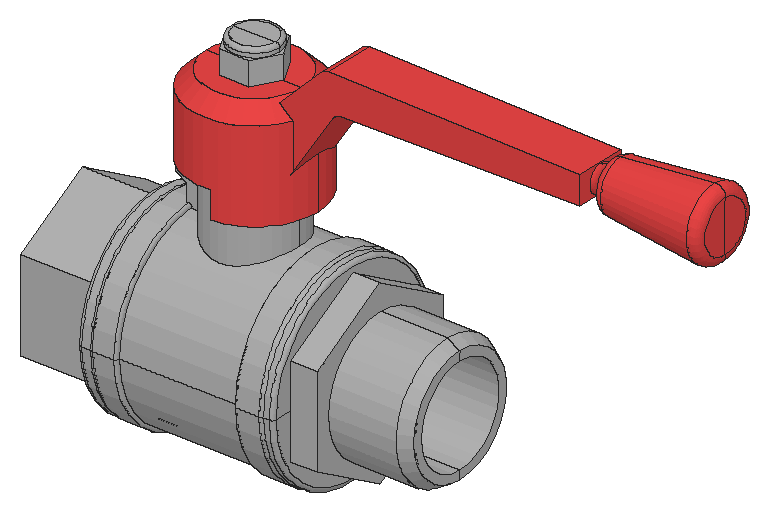
Revit family "QA05100000", category Apparecchi idraulici, Revit 2016
Family settings
  Tipo di parte = Normale
  Quota connettore circolare = Usa diametro
  Numero OmniClass = 23.45.00.00
  Titolo OmniClass = Sanitary, Laundry, and Cleaning Equipment
  Basato su piano di lavoro = No
  Sempre verticale = Sì
  Taglio con vuoti quando caricato = No
  Condiviso = No
  Punto di calcolo locali = No
Parameters
  URL = "https://web.cimberio.it/index.php/figura/159?subcategoria_id=42417"
  DN Model [instance] = QA05101025 : QA05101025
  DN [instance] = 25 mm
Reference planes
  plane 1 "Centro (Fronte/Retro)": y = 0
  plane 2: z = 0
  plane 3 "Centro (Sinistra/Destra)": x = 0
Dimensions and locks
  aligned and locked: level to plane 2
Nested families
  nested 1: "QA05101025" at (0, 0, 0), type <- "DN Model", type "QA05101025"
  nested 2: "QA05101025" at (0, 0, 0), type <- "DN Model", type "QA05101025"
  nested 3: "QA05101025" at (0, 0, 0), type <- "DN Model", type "QA05101025"
  nested 4: "QA05101025" at (0, 0, 0), type <- "DN Model", type "QA05101025"
  nested 5: "QA05101025" at (0, 0, 0), type <- "DN Model", type "QA05101025"
  nested 6: "QA05101025" at (0, 0, 0), type <- "DN Model", type "QA05101025"
  nested 7: "QA05101025" at (0, 0, 0), type <- "DN Model", type "QA05101025"
  nested 8: "QA05101025" at (0, 0, 0), type <- "DN Model", type "QA05101025"
Connectors
  piping at (52.4, 0, 0), diameter 25, driven by "DN"
    settings: on nested 1, index 1, connector inside diameter 609.6 mm, connector length 0 mm, flow factor 0, pipe flow 0.0 L/s, pressure drop 0.0 Pa, fitting loss kfactor 0, connector angle 0.00°, fixture units 0, engagement length 0 mm, angle of deflection 0.00°, flow configuration 0, flow direction 0, fitting loss method 0, system type 7, joint type 0, gender type 0, connector reference index -1, connector utility 0, adjustable connector no, is connector primary yes, connector description ""
  piping at (-43.9, 0, 0), diameter 25, driven by "DN"
    settings: on nested 1, index 2, connector inside diameter 609.6 mm, connector length 0 mm, flow factor 0, pipe flow 0.0 L/s, pressure drop 0.0 Pa, fitting loss kfactor 0, connector angle 0.00°, fixture units 0, engagement length 0 mm, angle of deflection 0.00°, flow configuration 0, flow direction 0, fitting loss method 0, system type 7, joint type 0, gender type 0, connector reference index -1, connector utility 0, adjustable connector no, is connector primary no, connector description ""
Definition of nested family "QA05101025"
  Reference planes
    plane 1 "Centro (Fronte/Retro)": y = 0
    plane 2: z = 0
    plane 3 "Centro (Sinistra/Destra)": x = 0
  Forms (mm)
    Extrusion 1, solid
      sketch origin (-1.996, 0, 4.955) x (1, 0, 0) y (0, 0, 1)
        loop
          line (-17.004, 33.845) -> (-17.004, 26.355) -> (-14.254, 24.767) -> (-14.254, 9.005) -> (-5.604, 9.005) -> (-5.604, 33.845) -> (-17.004, 33.845)
      from 0 to 1.497
    Revolve 2, solid
      sketch origin (0, 0, 0) x (0, 1, 0) y (-1, 0, 0)
        loop
          line (9.248, 19.5) -> (9.248, -20.1) -> (22.489, -20.1)
          arc (22.489, -20.1) -> (23.203, -19.804) -> (23.498, -19.091) r 1.009
          line (23.498, -19.091) -> (23.498, -9.324)
          arc (23.498, -9.324) -> (23.406, -8.846) -> (23.099, -8.468) r 1
          arc (23.099, -8.468) -> (22.839, -7.883) -> (22.75, -7.25) r 2.298
          line (22.75, -7.25) -> (22.75, 12.315)
          arc (22.75, 12.315) -> (22.67, 12.717) -> (22.443, 13.057) r 1.049
          line (22.443, 13.057) -> (20.834, 14.666)
          arc (20.834, 14.666) -> (20.587, 15.036) -> (20.5, 15.472) r 1.139
          line (20.5, 15.472) -> (20.5, 19.5) -> (9.248, 19.5)
        axis (0, 19.5) -> (0, -20.1)
      angle from 0 to 360
    Revolve 3, solid
      sketch origin (0, 0, 0) x (1, 0, 0) y (0, 0, 1)
        loop
          line (0, 60.8) -> (-12.25, 60.8) -> (-16.25, 56.8) -> (-16.25, 33.8) -> (-10.467, 33.8) -> (-10.467, 45.453) -> (0, 45.453) -> (0, 60.8)
        axis (0, 33.8) -> (0, 60.8)
      angle from 0 to 360
    Extrusion 4, void
      sketch origin (0, 0, 58.3) x (-1, 0, 0) y (0, 1, 0)
        loop
          line (17.996, 0) -> (10.467, 0)
          arc (10.467, 0) -> (6.812, -7.947) -> (-1.6, -10.344) r 10.467
          line (-1.6, -10.344) -> (-1.6, -18.578)
          arc (-1.6, -18.578) -> (15.234, -16.711) -> (17.996, 0) r 14.025
      from 17.5 to 31.018
    Revolve 5, solid
      sketch origin (0, 0, 0) x (0, 1, 0) y (-1, 0, 0)
        loop
          line (12.5, 24.9) -> (12.5, -24.9) -> (24.25, -24.9)
          arc (24.25, -24.9) -> (24.957, -24.607) -> (25.25, -23.9) r 1
          line (25.25, -23.9) -> (25.25, -22.33) -> (25.5, -21.397) -> (25.5, -15.5)
          arc (25.5, -15.5) -> (25.059, -15.132) -> (24.5, -15) r 1.253
          line (24.5, -15) -> (24.5, 15)
          arc (24.5, 15) -> (25.068, 15.114) -> (25.5, 15.5) r 1.101
          line (25.5, 15.5) -> (25.5, 20.967) -> (25.25, 21.9) -> (25.25, 23.9)
          arc (25.25, 23.9) -> (24.957, 24.607) -> (24.25, 24.9) r 1
          line (24.25, 24.9) -> (12.5, 24.9)
        axis (0, 24.9) -> (0, -24.9)
      angle from 0 to 360
    Extrusion 6, solid
      sketch origin (-16, 0, 0) x (0, 0, 1) y (0, 1, 0)
        loop
          circle (0, 0) r 12.5
        loop
          line (23, 0) -> (11.5, 19.919) -> (-11.5, 19.919) -> (-23, 0) -> (-11.5, -19.919) -> (11.5, -19.919) -> (23, 0)
      from 8.9 to 27.9
    Extrusion 7, solid
      sketch origin (16, 0, 0) x (0, 0, 1) y (0, -1, 0)
        loop
          circle (0, 0) r 12.5
        loop
          line (23, 0) -> (11.5, 19.919) -> (-11.5, 19.919) -> (-23, 0) -> (-11.5, -19.919) -> (11.5, -19.919) -> (23, 0)
      from 8.9 to 15.9
    Revolve 8, solid
      sketch origin (0, 0, 0) x (1, 0, 0) y (0, 0, 1)
        loop
          line (31.9, 12.5) -> (52.4, 12.5) -> (52.4, 14.727) -> (49.307, 16.575) -> (31.9, 16.575) -> (31.9, 12.5)
        axis (52.4, 0) -> (31.9, 0)
      angle from 0 to 360
    Revolve 9, solid
      sketch origin (0, 0, 0) x (1, 0, 0) y (0, 0, 1)
        loop
          line (0, 42.985) -> (-11.5, 42.985) -> (-11.5, 21.195) -> (0, 21.195) -> (0, 42.985)
        axis (0, 21.195) -> (0, 42.985)
      angle from 0 to 360
    Revolve 10, solid
      sketch origin (0, 0, 0) x (1, 0, 0) y (0, 0, 1)
        loop
          line (0, 68.8) -> (0, 66.8) -> (6.25, 66.8) -> (6.25, 67.8)
          arc (6.25, 67.8) -> (5.957, 68.507) -> (5.25, 68.8) r 1
          line (5.25, 68.8) -> (0, 68.8)
        axis (0, 68.8) -> (0, 66.8)
      angle from 0 to 360
    Extrusion 11, solid
      sketch origin (0, 0, 0) x (1, 0, 0) y (0, 0, 1)
        loop
          line (11.393, 59.693) -> (14.085, 43.952) -> (25.275, 61.183)
          arc (25.275, 61.183) -> (26.161, 62.009) -> (27.331, 62.321) r 2.5
          line (27.331, 62.321) -> (88.127, 63.3) -> (88.127, 70.3) -> (24.058, 71.284)
          arc (24.058, 71.284) -> (22.962, 70.985) -> (22.032, 70.332) r 3.299
          line (22.032, 70.332) -> (11.393, 59.693)
      from -6.512 to 6.512
    Revolve 12, solid
      sketch origin (0, 0, 0) x (1, 0, 0) y (0, 0, 1)
        loop
          line (120, 66.8) -> (120, 73.308)
          arc (120, 73.308) -> (119.179, 75.163) -> (117.254, 75.8) r 2.503
          line (117.254, 75.8) -> (93.442, 73.443)
          arc (93.442, 73.443) -> (92.32, 73.045) -> (91.512, 72.169) r 2.481
          arc (91.512, 72.169) -> (90.09, 70.745) -> (88.127, 70.3) r 3.621
          line (88.127, 70.3) -> (88.127, 66.8) -> (120, 66.8)
        axis (120, 66.8) -> (88.127, 66.8)
      angle from 0 to 360
    Extrusion 13, solid
      sketch origin (0, 0, 58.3) x (0, 1, 0) y (-1, 0, 0)
        loop
          line (0, -7.501) -> (6.496, -3.751) -> (6.496, 3.751) -> (0, 7.501) -> (-6.496, 3.751) -> (-6.496, -3.751) -> (0, -7.501)
      from 2.5 to 8.5
  Cuts and joins
    joined: Extrusion 1, Revolve 2
    Extrusion 4 cuts Revolve 3
  Dimensions and locks
    aligned and locked: level to plane 2
